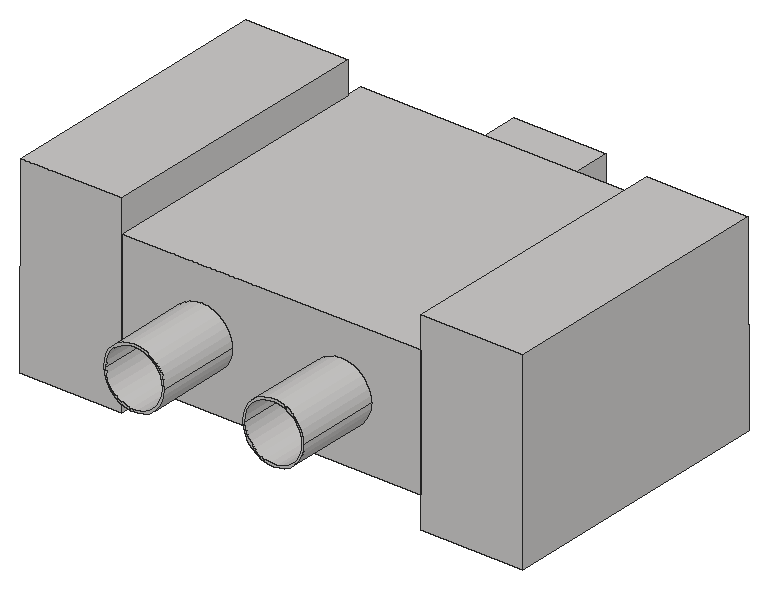
Revit family
Parameters (values of type "04"")
  Width = 1' - 7"
  Unit Weight = "68.0 lbs"
  URL = "http://www.titus-hvac.com/"
  UL = "181"
  SteriLoc Liner = Liner Option = 3  # no
  Outlet Width = 0' - 5 7/8"
  Outlet Height = 0' - 5 7/8"
  Nominal Width = Width + 1' 1"  # 2' - 8"
  Nominal Length = Length + Inlet Length + 0' 4"  # 2' - 4 3/8"
  Nominal Inlet Size = 0' - 4"
  Nominal Height = if(Height > 1' 0 1/4", Height, 1' 0 1/4")  # 1' - 0 1/4"
  NFPA = "90A"
  Model = "DEDV"
  Min. Air Flow = 0 CFM
  Max. Air Flow = 225 CFM
  Material = Steel
  Manufacturer = "Titus"
  Liner Option = 0
  Length = 1' - 7"
  Inlet Void Radius = Inlet Radius - 0' 0 1/8"  # 0' - 1 13/16"
  Inlet Radius = Inlet Diameter / 2  # 0' - 1 15/16"
  Inlet Offset = 0' - 8 7/8"
  Inlet Length = 0' - 5 3/8"
  Inlet Diameter = Nominal Inlet Size - 0' 0 1/8"  # 0' - 3 7/8"
  Height = 0' - 8 1/4"
  Heat Air Pressure Drop [instance] = 0.00 in-wg
  Heat Air Flow [instance] = 0 CFM
  Fiber Free Liner = Liner Option = 2  # no
  Duct Radius = Nominal Inlet Size / 2  # 0' - 2"
  Design Air Flow [instance] = 0 CFM
  Description = "Dual Duct Terminal Unit, Direct Digital Control, Pressure Independent, with Integral Mixer/Attenuator"
  Cool Air Pressure Drop [instance] = 0.00 in-wg
  Cool Air Flow [instance] = 0 CFM
  CADworks URL = "www.CADworks.net"
  Assembly Code = "D3040100"
  1/2" Fiberglass Liner = Liner Option = 0  # yes
  1" Fiberglass Liner = Liner Option = 1  # no
Types (11): name | Width | Unit Weight | Outlet Width | Outlet Height | Nominal Width | Nominal Length | Nominal Inlet Size | Nominal Height | Max. Air Flow | Length | Inlet Void Radius | Inlet Radius | Inlet Offset | Inlet Length | Inlet Diameter | Height | Duct Radius
  (no name) | 1' - 7" | "68.0 lbs" | 0' - 5 7/8" | 0' - 5 7/8" | 2' - 8" | 2' - 4 3/8" | 0' - 4" | 1' - 0 1/4" | 225 CFM | 1' - 7" | 0' - 1 13/16" | 0' - 1 15/16" | 0' - 8 7/8" | 0' - 5 3/8" | 0' - 3 7/8" | 0' - 8 1/4" | 0' - 2"
  04" | 1' - 7" | "68.0 lbs" | 0' - 5 7/8" | 0' - 5 7/8" | 2' - 8" | 2' - 4 3/8" | 0' - 4" | 1' - 0 1/4" | 225 CFM | 1' - 7" | 0' - 1 13/16" | 0' - 1 15/16" | 0' - 8 7/8" | 0' - 5 3/8" | 0' - 3 7/8" | 0' - 8 1/4" | 0' - 2"
  05" | 1' - 7" | "68.0 lbs" | 0' - 5 7/8" | 0' - 5 7/8" | 2' - 8" | 2' - 4 3/8" | 0' - 5" | 1' - 0 1/4" | 350 CFM | 1' - 7" | 0' - 2 5/16" | 0' - 2 7/16" | 0' - 8 7/8" | 0' - 5 3/8" | 0' - 4 7/8" | 0' - 8 1/4" | 0' - 2 1/2"
  06" | 1' - 7" | "68.0 lbs" | 0' - 5 7/8" | 0' - 5 7/8" | 2' - 8" | 2' - 2 3/8" | 0' - 6" | 1' - 0 1/4" | 500 CFM | 1' - 7" | 0' - 2 13/16" | 0' - 2 15/16" | 0' - 8 7/8" | 0' - 3 3/8" | 0' - 5 7/8" | 0' - 8 1/4" | 0' - 3"
  07" | 1' - 11" | "79.0 lbs" | 0' - 7 1/8" | 0' - 8 1/8" | 3' - 0" | 2' - 8 3/8" | 0' - 7" | 1' - 0 1/4" | 650 CFM | 1' - 11" | 0' - 3 5/16" | 0' - 3 7/16" | 0' - 10 7/8" | 0' - 5 3/8" | 0' - 6 7/8" | 0' - 10 1/4" | 0' - 3 1/2"
  08" | 1' - 11" | "79.0 lbs" | 0' - 7 1/8" | 0' - 8 1/8" | 3' - 0" | 2' - 6 3/8" | 0' - 8" | 1' - 0 1/4" | 900 CFM | 1' - 11" | 0' - 3 13/16" | 0' - 3 15/16" | 0' - 10 7/8" | 0' - 3 3/8" | 0' - 7 7/8" | 0' - 10 1/4" | 0' - 4"
  09" | 2' - 3" | "98.0 lbs" | 0' - 10 1/8" | 0' - 11 1/8" | 3' - 4" | 3' - 0 3/8" | 0' - 9" | 1' - 0 3/4" | 1050 CFM | 2' - 3" | 0' - 4 5/16" | 0' - 4 7/16" | 1' - 0 7/8" | 0' - 5 3/8" | 0' - 8 7/8" | 1' - 0 3/4" | 0' - 4 1/2"
  10" | 2' - 3" | "98.0 lbs" | 0' - 10 1/8" | 0' - 11 1/8" | 3' - 4" | 2' - 10 3/8" | 0' - 10" | 1' - 0 3/4" | 1400 CFM | 2' - 3" | 0' - 4 13/16" | 0' - 4 15/16" | 1' - 0 7/8" | 0' - 3 3/8" | 0' - 9 7/8" | 1' - 0 3/4" | 0' - 5"
  12" | 2' - 7" | "120.0 lbs" | 0' - 11 1/8" | 1' - 1 1/8" | 3' - 8" | 3' - 2 3/8" | 1' - 0" | 1' - 3 1/8" | 2000 CFM | 2' - 7" | 0' - 5 13/16" | 0' - 5 15/16" | 1' - 2 7/8" | 0' - 3 3/8" | 0' - 11 7/8" | 1' - 3 1/8" | 0' - 6"
  14" | 2' - 11" | "148.0 lbs" | 1' - 0 1/2" | 1' - 4 1/8" | 4' - 0" | 3' - 6 3/8" | 1' - 2" | 1' - 6 1/8" | 3000 CFM | 2' - 11" | 0' - 6 13/16" | 0' - 6 15/16" | 1' - 4 7/8" | 0' - 3 3/8" | 1' - 1 7/8" | 1' - 6 1/8" | 0' - 7"
  16" | 3' - 2" | "171.0 lbs" | 1' - 3 1/8" | 1' - 4 1/8" | 4' - 3" | 3' - 9 3/8" | 1' - 4" | 1' - 6 1/8" | 4000 CFM | 3' - 2" | 0' - 7 13/16" | 0' - 7 15/16" | 1' - 6 7/8" | 0' - 3 3/8" | 1' - 3 7/8" | 1' - 6 1/8" | 0' - 8"
Reference planes (in)
  plane 1 "Center (Front/Back)": y = 0
  plane 2: z = 0
  plane 3 "Center (Left/Right)": x = 0
  plane 4: x = 9.5
  plane 5: x = -9.5
  plane 6: y = 9.5
  plane 7: y = -9.5
  plane 8: z = 4.125
  plane 9: z = -4.125
  plane 10: x = -4.4375
  plane 11: x = 4.4375
  plane 12: y = -14.875
  plane 13: y = 13.5
  plane 14: x = -16
  plane 15: x = 16
  plane 16: z = 6.125
  plane 17: z = -6.125
Forms (in)
  Extrusion 1, solid, material "Steel" <- "Material"
    sketch origin (0, 70.5, 0) x (1, 0, 0) y (0, 0, 1)
      loop
        line (-9.5, 4.125) -> (-9.5, -4.125) -> (9.5, -4.125) -> (9.5, 4.125) -> (-9.5, 4.125)
    from 61 to 80
  Extrusion 2, solid, material "Steel" <- "Material"
    sketch origin (0, 6.5, 0) x (1, 0, 0) y (0, 0, 1)
      loop
        line (9.5, 6.125) -> (9.5, -6.125) -> (16, -6.125) -> (16, 6.125) -> (9.5, 6.125)
    from -2 to 16
  Extrusion 3, solid, material "Steel" <- "Material"
    sketch origin (0, 8.5, 0) x (-1, 0, 0) y (0, 0, -1)
      loop
        line (9.5, -6.125) -> (16, -6.125) -> (16, 6.125) -> (9.5, 6.125) -> (9.5, -6.125)
    from 0 to 18
  Extrusion 4, solid, material "Steel" <- "Material"
    sketch origin (0, -19, 0) x (1, 0, 0) y (0, 0, 1)
      loop
        circle (-4.4375, 0) r 1.9375
    from -9.5 to -4.125
  Extrusion 5, solid, material "Steel" <- "Material"
    sketch origin (-4.5, -6, 0) x (-1, 0, 0) y (0, 0, -1)
      loop
        circle (-8.9375, 0) r 1.9375
    from 3.5 to 8.875
  Extrusion 6, void
    sketch origin (0, -10.375, 0) x (1, 0, 0) y (0, 0, 1)
      loop
        circle (-4.4375, 0) r 1.8125
    from -0.875 to 4.5
  Extrusion 7, void
    sketch origin (0, 0, 0) x (1, 0, 0) y (0, 0, 1)
      loop
        circle (4.4375, 0) r 1.8125
    from 9.5 to 14.875
  Extrusion 8, solid, material "Steel" <- "Material"
    sketch origin (0, 23, 0) x (1, 0, 0) y (0, 0, 1)
      loop
        line (-2.9375, 2.9375) -> (-2.9375, -2.9375) -> (2.9375, -2.9375) -> (2.9375, 2.9375) -> (-2.9375, 2.9375)
    from 9.5 to 13.5
  Extrusion 9, void
    sketch origin (0, 34.5, 0) x (1, 0, 0) y (0, 0, 1)
      loop
        line (-2.8125, 2.8125) -> (-2.8125, -2.8125) -> (2.8125, -2.8125) -> (2.8125, 2.8125) -> (-2.8125, 2.8125)
    from 21 to 25
Cuts and joins
  Extrusion 6, Extrusion 7, Extrusion 9 cuts Extrusion 1
  Extrusion 6 cuts Extrusion 4
  Extrusion 7 cuts Extrusion 5
  Extrusion 9 cuts Extrusion 8
Dimensions and locks (in)
  "Length": plane 7 to plane 6
  equal spacing: plane 7, plane 1 "Center (Front/Back)", plane 6
  "Width": plane 5 to plane 4
  equal spacing: plane 5, plane 3 "Center (Left/Right)", plane 4
  "Height": plane 9 to plane 8
  equal spacing: plane 9, level, plane 8
  locked: Extrusion 2 to plane 7 at 18
  locked: Extrusion 2 to Extrusion 2 at 12.25
  equal spacing: Extrusion 2, plane 2, Extrusion 2
  locked: Extrusion 2 to plane 4 at 6.5
  locked: Extrusion 3 to Extrusion 3 at 12.25
  equal spacing: Extrusion 3, plane 2, Extrusion 3
  locked: Extrusion 3 to plane 5 at 6.5
  locked: Extrusion 3 to plane 7 at 18
  "Inlet Offset": plane 10 to plane 11
  equal spacing: plane 10, plane 3 "Center (Left/Right)", plane 11
  "Inlet Length": plane 7 to plane 12
  "Inlet Length": plane 7 to Extrusion 4
  "Inlet Length": Extrusion 5 to plane 7
  locked: plane 6 to plane 13 at 4
  "Outlet Width": Extrusion 8 sketch curve to Extrusion 8 sketch curve
  equal spacing: Extrusion 8 sketch curve, plane 3 "Center (Left/Right)", Extrusion 8 sketch curve
  locked: cut or joined group of Extrusion 8, Extrusion 9 to Extrusion 9 sketch curve at 0.125  (x3)
  locked: Extrusion 9 sketch curve to cut or joined group of Extrusion 8, Extrusion 9 at 0.125
  "Outlet Height": Extrusion 8 sketch curve to Extrusion 8 sketch curve
  equal spacing: Extrusion 8 sketch curve, plane 2, Extrusion 8 sketch curve
  "Nominal Width": plane 14 to plane 15
  plane 13 to plane 12 = 2' - 4 3/8"
  locked: plane 14 to plane 5 at 6.5
  plane 9 to cut or joined group of Extrusion 8, Extrusion 9 = 0' - 1 3/16"  (x3)
  plane 8 to cut or joined group of Extrusion 8, Extrusion 9 = 0' - 1 3/16"  (x2)
  "Inlet Radius": plane 11 to cut or joined group of Extrusion 5, Extrusion 7
  "Inlet Radius": cut or joined group of Extrusion 4, Extrusion 6 to plane 10
  "Inlet Radius": radius of Extrusion 4 sketch curve
  "Inlet Radius": radius of Extrusion 5 sketch curve
  "Inlet Void Radius": radius of Extrusion 6 sketch curve
  "Inlet Void Radius": radius of Extrusion 7 sketch curve
  aligned and locked: plane 6 to Extrusion 1
  aligned and locked: plane 4 to Extrusion 1
  aligned and locked: plane 5 to Extrusion 1
  aligned and locked: plane 7 to Extrusion 1
  aligned and locked: plane 8 to Extrusion 1
  aligned and locked: plane 7 to Extrusion 2
  aligned and locked: plane 7 to Extrusion 3
  aligned and locked: plane 12 to Extrusion 4
  aligned and locked: plane 7 to Extrusion 4
  aligned and locked: plane 7 to Extrusion 5
  aligned and locked: plane 6 to Extrusion 8
  aligned and locked: plane 13 to Extrusion 8
  aligned and locked: plane 12 to cut or joined group of Extrusion 4, Extrusion 6
  aligned and locked: plane 12 to cut or joined group of Extrusion 5, Extrusion 7
  aligned and locked: plane 13 to cut or joined group of Extrusion 8, Extrusion 9
  aligned and locked: plane 14 to Extrusion 3
  aligned and locked: plane 15 to Extrusion 2
  aligned and locked: cut or joined group of Extrusion 5, Extrusion 7 to cut or joined group of Extrusion 1, Extrusion 6, Extrusion 7, Extrusion 9
  aligned and locked: cut or joined group of Extrusion 4, Extrusion 6 to cut or joined group of Extrusion 1, Extrusion 6, Extrusion 7, Extrusion 9
  aligned and locked: cut or joined group of Extrusion 1, Extrusion 6, Extrusion 7, Extrusion 9 to cut or joined group of Extrusion 4, Extrusion 6  (x2)
  aligned and locked: plane 7 to Extrusion 7
  aligned and locked: Extrusion 7 to plane 12
  aligned and locked: plane 7 to Extrusion 6
  aligned and locked: Extrusion 6 to plane 12
  aligned and locked: Extrusion 9 to Extrusion 1
  aligned and locked: Extrusion 9 to plane 13
Automatic sketch dimensions
  Extrusion 1 sketch curve to plane 5 = 0' - 0"
  Extrusion 1 sketch curve to plane 4 = 0' - 0"
  Extrusion 1 sketch curve to plane 9 = 0' - 0"
  Extrusion 1 sketch curve to plane 8 = 0' - 0"
  Extrusion 2 sketch curve to plane 4 = 0' - 0"
  plane 9 to Extrusion 2 sketch curve = 0' - 2"
  Extrusion 2 sketch curve to Extrusion 2 sketch curve = 0' - 6 1/2"
  Extrusion 2 sketch curve to plane 8 = 0' - 2"
  Extrusion 3 sketch curve to plane 5 = 0' - 0"
  plane 9 to Extrusion 3 sketch curve = 0' - 2"
  Extrusion 3 sketch curve to Extrusion 3 sketch curve = 0' - 6 1/2"
  Extrusion 3 sketch curve to plane 8 = 0' - 2"
  Extrusion 4 sketch curve to level = 0' - 0"
  Extrusion 4 sketch curve to plane 10 = 0' - 0"
  Extrusion 5 sketch curve to level = 0' - 0"
  Extrusion 5 sketch curve to plane 11 = 0' - 0"
  Extrusion 6 sketch curve to level = 0' - 0"
  Extrusion 6 sketch curve to plane 10 = 0' - 0"
  Extrusion 7 sketch curve to level = 0' - 0"
  Extrusion 7 sketch curve to plane 11 = 0' - 0"
Connectors (in)
  hvac at (4.4375, -14.875, 0), driven by "Duct Radius", driven by "Cool Air Flow", driven by "Cool Air Pressure Drop"
    settings: on cut or joined group of Extrusion 5, Extrusion 7, index 1
  hvac at (-4.4375, -14.875, 0), driven by "Duct Radius", driven by "Heat Air Pressure Drop", driven by "Heat Air Flow"
    settings: on cut or joined group of Extrusion 4, Extrusion 6, index 2
  hvac at (0, 13.5, 0), driven by "Outlet Height", driven by "Outlet Width", driven by "Design Air Flow"
    settings: on cut or joined group of Extrusion 8, Extrusion 9, index 3
